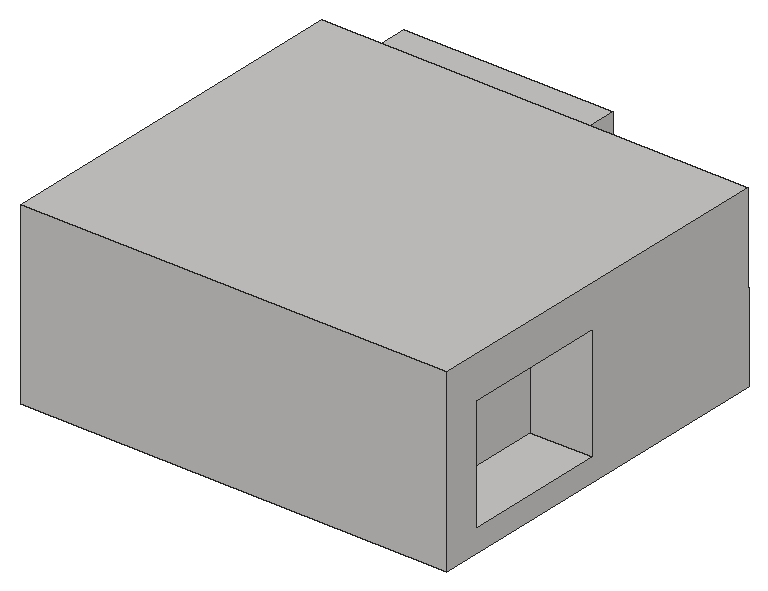
Revit family
Parameters
  Width = 3' - 0 1/8"
  Voltage = 120 V
  Unit Weight = "150.0 lbs"
  UltraLoc Liner = Choose Liner Option = 3  # no
  URL = "http://www.titus-hvac.com/"
  UL = "181"
  Supply Air Flow [instance] = 0 CFM
  SteriLoc Liner = Choose Liner Option = 2  # no
  Primary Air Pressure Drop [instance] = 0.00 in-wg
  Primary Air Flow [instance] = 0 CFM
  Plenum Air Pressure Drop [instance] = 0.00 in-wg
  Plenum Air Flow [instance] = 0 CFM
  Outlet Width = 1' - 2"
  Outlet Vertical Offset = 0' - 1 1/8"
  Outlet Horizontal Offset = 0' - 1 3/8"
  Outlet Height = 0' - 11"
  Number of Poles = 1
  Nominal Width = Width + 0' 6 1/4"  # 3' - 6 3/8"
  Nominal Length = Length + 0' 3 3/8"  # 3' - 8 1/4"
  Nominal Inlet Size = 0' - 6"
  Nominal Height = 1' - 5 1/8"
  NFPA = "90A"
  Motor Full Load Amps = 7 A
  Model = "DTQS"
  Min. Air Flow = 0 CFM
  Max. Air Flow = 0 CFM
  Material = Galvanized Steel
  Manufacturer = "Titus"
  Length = 3' - 4 7/8"
  Juction Box Offset = 0' - 2 7/8"
  Inlet Diameter = Nominal Inlet Size - 0' 0 1/8"  # 0' - 5 7/8"
  Induced Air Inlet Offset = 0' - 4 1/2"
  Induced Air Inlet Width = 1' - 1 1/4"
  Induced Air Inlet Height = 1' - 2 1/2"
  Induced Air Filter = no
  Heating Total Capacity [instance] = 0 Btu/h
  Half Outlet Connection Width = Outlet Width / 2  # 0' - 7"
  Half Outlet Connection Height = Outlet Height / 2  # 0' - 5 1/2"
  Half Height Start = -(Nominal Height / 2)  # -0' - 8 9/16"
  Half Height End = Nominal Height / 2  # 0' - 8 9/16"
  HP-Motor = "1/4"
  Frequency = 60 Hz
  Filter Size = "19\"x17\""
  Fiber Free Liner = Choose Liner Option = 1  # no
  Fan Disconnect Switch = no
  Duct Radius = Nominal Inlet Size / 2  # 0' - 3"
  Description = "Series Fan Powered Terminal Unit, Direct Digital Control, Pressure Independent"
  Connection Void Radius = Connection Radius - 0' 0 1/4"  # 0' - 2 11/16"
  Connection Radius = Inlet Diameter / 2  # 0' - 2 15/16"
  Choose Liner Option = 0
  CADworks URL = "www.CADworks.net"
  Assembly Code = "D3040100"
  Apparent Power = Voltage * Motor Full Load Amps  # 840 VA
  Air Inlet Offset = 0' - 6"
  1/2" Fiberglass Liner = Choose Liner Option = 0  # yes
Reference planes (in)
  plane 1 "Center (Front/Back)": y = 0
  plane 2: z = 0
  plane 3 "Center (Left/Right)": x = 3
  plane 4: x = -17.4375
  plane 5: x = 23.4375
  plane 6: x = -14.5625
  plane 7: x = -20.8125
  plane 8 "Center (Elevation)": z = 0
  plane 9: y = -18.0625
  plane 10: y = 18.0625
  plane 11: y = 12.0625
  plane 12: y = -13.5625
  plane 13: x = -11.4375
  plane 14: x = 17.4375
  plane 15: y = 24.3125
  plane 16: z = 8.5625
  plane 17: z = -8.5625
Forms (in)
  Extrusion 1, solid, material "Galvanized Steel" <- "Material"
    sketch origin (61, -3.76302, 78.80279) x (1, 0, 0) y (0, 1, 0)
      loop
        line (-78.4375, 21.82552) -> (-78.4375, -14.29948) -> (-37.5625, -14.29948) -> (-37.5625, 21.82552) -> (-78.4375, 21.82552)
    from -87.36529 <- "Half Height Start" to -70.24029 <- "Half Height End"
  Extrusion 2, solid, material "Galvanized Steel" <- "Material"
    sketch origin (4.0625, 0, 42) x (1, 0, 0) y (0, 1, 0)
      loop
        line (-18.625, 18.0625) -> (1.375, 18.0625) -> (1.375, 24.3125) -> (-18.625, 24.3125) -> (-18.625, 18.0625)
    from -48 to -36
  Extrusion 3, void
    sketch origin (23.4375, 18.0625, 76.42779) x (0, 1, 0) y (0, 0, -1)
      loop
        line (-18.625, 71.86529) -> (-18.625, 82.86529) -> (-32.625, 82.86529) -> (-32.625, 71.86529) -> (-18.625, 71.86529)
    from 0 to 6
  Extrusion 4, solid, material "Galvanized Steel" <- "Material"
    sketch origin (-24.875, -0.4375, 0) x (0, 0, -1) y (0, 1, 0)
      loop
        circle (0, 12.5) r 2.9375
    from 4.0625 to 7.4375
  Extrusion 5, void
    sketch origin (-24.875, 0, 0) x (0, 1, 0) y (0, 0, 1)
      loop
        circle (12.0625, 0) r 2.6875
    from 4.0625 to 13.4375
  Extrusion 6, void
    sketch origin (-17.4375, -18.0625, 78.67779) x (0, -1, 0) y (0, 0, -1)
      loop
        line (-17.75, 71.49029) -> (-4.5, 71.49029) -> (-4.5, 85.99029) -> (-17.75, 85.99029) -> (-17.75, 71.49029)
    from 0 to 6
Cuts and joins
  Extrusion 3, Extrusion 5, Extrusion 6 cuts Extrusion 1
  Extrusion 5 cuts Extrusion 4
Dimensions and locks (in)
  "Length": plane 5 to plane 4
  equal spacing: plane 5, plane 3 "Center (Left/Right)", plane 4
  locked: Extrusion 2 to plane 6 at 0
  locked: Extrusion 2 to Extrusion 2 at 20
  "Juction Box Offset": plane 6 to plane 4
  "Outlet Height": Extrusion 3 sketch curve to Extrusion 3 sketch curve
  "Outlet Width": Extrusion 3 sketch curve to Extrusion 3 sketch curve
  locked: plane 4 to plane 7 at 3.375
  "Width": plane 9 to plane 10
  equal spacing: plane 9, plane 1 "Center (Front/Back)", plane 10
  locked: Extrusion 4 sketch curve to level at 0
  locked: Extrusion 4 sketch curve to plane 11 at 0
  locked: Extrusion 5 sketch curve to level at 0
  locked: Extrusion 5 sketch curve to plane 11 at 0
  locked: Extrusion 2 to Extrusion 2 at 6.25
  "Air Inlet Offset": plane 10 to plane 11
  locked: Extrusion 2 to plane 10 at 0
  locked: cut or joined group of Extrusion 4, Extrusion 5 to plane 7 at 0
  locked: cut or joined group of Extrusion 4, Extrusion 5 to cut or joined group of Extrusion 4, Extrusion 5 at 3.375
  "Induced Air Inlet Offset": plane 9 to plane 12
  "Induced Air Inlet Width": Extrusion 6 sketch curve to Extrusion 6 sketch curve
  "Induced Air Inlet Height": Extrusion 6 sketch curve to Extrusion 6 sketch curve
  "Induced Air Inlet Offset": Extrusion 6 sketch curve to plane 9
  locked: plane 9 to Extrusion 3 sketch curve at 3.5
  cut or joined group of Extrusion 1, Extrusion 3, Extrusion 5, Extrusion 6 to Extrusion 6 sketch curve = 0' - 1 3/8"
  cut or joined group of Extrusion 1, Extrusion 3, Extrusion 5, Extrusion 6 to Extrusion 3 sketch curve = 0' - 2 1/8"
  locked: Extrusion 2 to Extrusion 2 at 12
  equal spacing: Extrusion 2, level, Extrusion 2
  locked: cut or joined group of Extrusion 1, Extrusion 3, Extrusion 5, Extrusion 6 to cut or joined group of Extrusion 1, Extrusion 3, Extrusion 5, Extrusion 6 at 17.125
  equal spacing: cut or joined group of Extrusion 1, Extrusion 3, Extrusion 5, Extrusion 6, level, cut or joined group of Extrusion 1, Extrusion 3, Extrusion 5, Extrusion 6
  locked: plane 4 to plane 13 at 6
  locked: plane 14 to plane 5 at 6
  "Connection Radius": radius of Extrusion 4 sketch curve
  "Connection Void Radius": radius of Extrusion 5 sketch curve
  aligned and locked: cut or joined group of Extrusion 1, Extrusion 3, Extrusion 5, Extrusion 6 to plane 10
  aligned and locked: plane 9 to cut or joined group of Extrusion 1, Extrusion 3, Extrusion 5, Extrusion 6
  aligned and locked: plane 5 to cut or joined group of Extrusion 1, Extrusion 3, Extrusion 5, Extrusion 6
  aligned and locked: cut or joined group of Extrusion 1, Extrusion 3, Extrusion 5, Extrusion 6 to plane 4
  aligned and locked: Extrusion 3 to plane 14
  aligned and locked: plane 13 to Extrusion 6
  aligned and locked: Extrusion 6 to Extrusion 5
Automatic sketch dimensions
  plane 4 to Extrusion 1 sketch curve = 0' - 0"
  plane 5 to Extrusion 1 sketch curve = 0' - 0"
  plane 9 to Extrusion 1 sketch curve = 0' - 0"
  plane 10 to Extrusion 1 sketch curve = 0' - 0"
  Extrusion 2 sketch curve to plane 6 = 0' - 0"
  Extrusion 2 sketch curve to plane 10 = 0' - 0"
  plane 3 "Center (Left/Right)" to Extrusion 2 sketch curve = 0' - 2 7/16"
  Extrusion 2 sketch curve to plane 10 = 0' - 6 1/4"
Connectors (in)
  electrical at (-4.5625, 24.3125, 0), driven by "Apparent Power", driven by "Voltage", driven by "Number of Poles"
    settings: on Extrusion 2, index 8
  hvac at (-20.8125, 12.0625, 0), driven by "Primary Air Flow", driven by "Duct Radius", driven by "Primary Air Pressure Drop"
    settings: on cut or joined group of Extrusion 4, Extrusion 5, index 9
  hvac at (-17.4375, -6.9375, -0.0625), driven by "Induced Air Inlet Width", driven by "Induced Air Inlet Height", driven by "Plenum Air Pressure Drop", driven by "Plenum Air Flow"
    settings: on cut or joined group of Extrusion 1, Extrusion 3, Extrusion 5, Extrusion 6, index 14
  hvac at (23.4375, -7.5625, -0.9375), driven by "Supply Air Flow", driven by "Outlet Width", driven by "Outlet Height"
    settings: on cut or joined group of Extrusion 1, Extrusion 3, Extrusion 5, Extrusion 6, index 15
